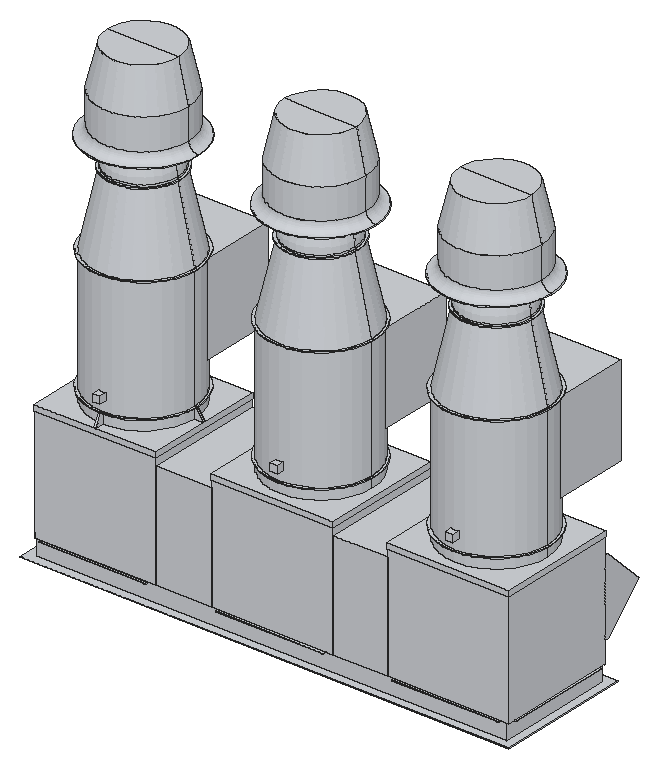
Revit family "QMXVP_with_1X3", category Mechanical Equipment, Revit 2019 (continued)
Types (225): name | UNIT_RADIUS+4" | UNIT_RADIUS*.6 | UNIT_RADIUS | UNIT_RAD+((A/2)+.25")+4" | UNIT_RAD+((A/2)+.25") | UNIT_OD | UNIT_HEIGHT*.75 | UNIT_HEIGHT | TYPE | TRIP_G | TRIP_F | TRIPLE_F+1" | TRANSITION_TOP | RO2/2 | RO/2 | RO | NOZZLE_WB_RAD-2" | NOZZLE_WB_RAD | NOZZLE_WB/4 | NOZZLE_TOP_RAD | NOZZLE_TOP_OD | NOZZLE_SIZE | NOZZLE_HEIGHT/7*2 | NOZZLE_HEIGHT | NOZZLE_BOTTOM_RAD | NOZZLE_WB_OD | NOZZLE_BOTTOM_ID | MB_HT/2 | MB_HT-2.75" | MB_HT+.25" | MB_HT | MB_A | LONG_RO | GA | E | DUAL_G | DUAL_F+1" | DUAL_F | C/2 | C | B/2 | B | A/2 | A+.5 | A | Type Comments | Model | -A | (NOZZLE_WB_OD-NOZZLE_TOP_OD)/2 | (NOZZLE_HEIGHT-(NOZZLE_HEIGHT/8*2))/2 | (A/2)-2" | (A/2)+.25"
  202_QMXHPVP-12H-1X3_Mixing_Box | 1' - 6 3/8" | 1' - 0 15/16" | 1' - 2 3/8" | 3' - 1 5/8" | 2' - 9 5/8" | 2' - 4 3/4" | 2' - 4 1/8" | 3' - 1 1/2" | 1' - 0" | 11' - 9 1/4" | 11' - 10" | 11' - 11" | 5' - 7 9/16" | 1' - 3 3/8" | 1' - 3 3/8" | 2' - 6 3/4" | 1' - 0" | 1' - 2" | 0' - 5.6" | 0' - 9 3/4" | 1' - 7 1/2" | 12' - 0" | 0' - 8" | 2' - 8" | 0' - 8 17/32" | 2' - 4" | 1' - 5 1/16" | 1' - 8 19/32" | 3' - 2 7/16" | 3' - 5 7/16" | 3' - 5 3/16" | 4' - 1" | 11' - 3" | 0' - 0 27/256" | 3' - 0 15/16" | 7' - 5 1/8" | 7' - 7 1/4" | 7' - 6 1/4" | 2' - 1" | 4' - 2" | 4' - 4" | 8' - 8" | 1' - 7" | 3' - 2 1/2" | 3' - 2" | "Vari-Plume Laboratory Exhaust Mixed-Flow High Pressure Inline Belt Drive With 1X3 Mixing Box\r\n" | "QMXHPVP-1X3_Mixing Box" | -3' - 2" | 0' - 2 1/8" | 1' - 0" | 1' - 5" | 1' - 7 1/4"
  202_QMXHPVP-12L-1X3_Mixing_Box | 1' - 6 3/8" | 1' - 0 15/16" | 1' - 2 3/8" | 3' - 1 5/8" | 2' - 9 5/8" | 2' - 4 3/4" | 2' - 4 1/8" | 3' - 1 1/2" | 1' - 0" | 11' - 9 1/4" | 11' - 10" | 11' - 11" | 5' - 7 9/16" | 1' - 3 3/8" | 1' - 3 3/8" | 2' - 6 3/4" | 1' - 0" | 1' - 2" | 0' - 5.6" | 0' - 9 3/4" | 1' - 7 1/2" | 12' - 0" | 0' - 8" | 2' - 8" | 0' - 8 17/32" | 2' - 4" | 1' - 5 1/16" | 1' - 8 19/32" | 3' - 2 7/16" | 3' - 5 7/16" | 3' - 5 3/16" | 4' - 1" | 11' - 3" | 0' - 0 27/256" | 3' - 0 15/16" | 7' - 5 1/8" | 7' - 7 1/4" | 7' - 6 1/4" | 2' - 1" | 4' - 2" | 4' - 4" | 8' - 8" | 1' - 7" | 3' - 2 1/2" | 3' - 2" | "Vari-Plume Laboratory Exhaust Mixed-Flow High Pressure Inline Belt Drive With 1X3 Mixing Box\r\n" | "QMXHPVP-1X3_Mixing Box" | -3' - 2" | 0' - 2 1/8" | 1' - 0" | 1' - 5" | 1' - 7 1/4"
  202_QMXHPVP-15H-1X3_Mixing_Box | 1' - 6 3/8" | 1' - 0 15/16" | 1' - 2 3/8" | 3' - 1 5/8" | 2' - 9 5/8" | 2' - 4 3/4" | 2' - 4 1/8" | 3' - 1 1/2" | 1' - 0" | 11' - 9 1/4" | 11' - 10" | 11' - 11" | 4' - 11 5/8" | 1' - 3 3/8" | 1' - 3 3/8" | 2' - 6 3/4" | 1' - 4" | 1' - 6" | 0' - 7.2" | 0' - 11 1/2" | 1' - 11" | 15' - 0" | 0' - 10 3/4" | 3' - 7" | 0' - 10 11/16" | 3' - 0" | 1' - 9 3/8" | 1' - 8 19/32" | 3' - 2 7/16" | 3' - 5 7/16" | 3' - 5 3/16" | 4' - 1" | 11' - 3" | 0' - 0 27/256" | 3' - 0 15/16" | 7' - 5 1/8" | 7' - 7 1/4" | 7' - 6 1/4" | 2' - 1" | 4' - 2" | 4' - 4" | 8' - 8" | 1' - 7" | 3' - 2 1/2" | 3' - 2" | "Vari-Plume Laboratory Exhaust Mixed-Flow High Pressure Inline Belt Drive With 1X3 Mixing Box\r\n" | "QMXHPVP-1X3_Mixing Box" | -3' - 2" | 0' - 3 1/4" | 1' - 4 1/8" | 1' - 5" | 1' - 7 1/4"
  202_QMXHPVP-15L-1X3_Mixing_Box | 1' - 6 3/8" | 1' - 0 15/16" | 1' - 2 3/8" | 3' - 1 5/8" | 2' - 9 5/8" | 2' - 4 3/4" | 2' - 4 1/8" | 3' - 1 1/2" | 1' - 0" | 11' - 9 1/4" | 11' - 10" | 11' - 11" | 4' - 11 5/8" | 1' - 3 3/8" | 1' - 3 3/8" | 2' - 6 3/4" | 1' - 4" | 1' - 6" | 0' - 7.2" | 0' - 11 1/2" | 1' - 11" | 15' - 0" | 0' - 10 3/4" | 3' - 7" | 0' - 10 11/16" | 3' - 0" | 1' - 9 3/8" | 1' - 8 19/32" | 3' - 2 7/16" | 3' - 5 7/16" | 3' - 5 3/16" | 4' - 1" | 11' - 3" | 0' - 0 27/256" | 3' - 0 15/16" | 7' - 5 1/8" | 7' - 7 1/4" | 7' - 6 1/4" | 2' - 1" | 4' - 2" | 4' - 4" | 8' - 8" | 1' - 7" | 3' - 2 1/2" | 3' - 2" | "Vari-Plume Laboratory Exhaust Mixed-Flow High Pressure Inline Belt Drive With 1X3 Mixing Box\r\n" | "QMXHPVP-1X3_Mixing Box" | -3' - 2" | 0' - 3 1/4" | 1' - 4 1/8" | 1' - 5" | 1' - 7 1/4"
  202_QMXHPVP-18H-1X3_Mixing_Box | 1' - 6 3/8" | 1' - 0 15/16" | 1' - 2 3/8" | 3' - 1 5/8" | 2' - 9 5/8" | 2' - 4 3/4" | 2' - 4 1/8" | 3' - 1 1/2" | 1' - 0" | 11' - 9 1/4" | 11' - 10" | 11' - 11" | 4' - 3 5/8" | 1' - 3 3/8" | 1' - 3 3/8" | 2' - 6 3/4" | 1' - 7 1/2" | 1' - 9 1/2" | 0' - 8.6" | 1' - 1 3/4" | 2' - 3 1/2" | 18' - 0" | 1' - 0" | 4' - 0" | 1' - 0 13/16" | 3' - 7" | 2' - 1 5/8" | 1' - 8 19/32" | 3' - 2 7/16" | 3' - 5 7/16" | 3' - 5 3/16" | 4' - 1" | 11' - 3" | 0' - 0 27/256" | 3' - 0 15/16" | 7' - 5 1/8" | 7' - 7 1/4" | 7' - 6 1/4" | 2' - 1" | 4' - 2" | 4' - 4" | 8' - 8" | 1' - 7" | 3' - 2 1/2" | 3' - 2" | "Vari-Plume Laboratory Exhaust Mixed-Flow High Pressure Inline Belt Drive With 1X3 Mixing Box\r\n" | "QMXHPVP-1X3_Mixing Box" | -3' - 2" | 0' - 3 7/8" | 1' - 6" | 1' - 5" | 1' - 7 1/4"
  202_QMXHPVP-18L-1X3_Mixing_Box | 1' - 6 3/8" | 1' - 0 15/16" | 1' - 2 3/8" | 3' - 1 5/8" | 2' - 9 5/8" | 2' - 4 3/4" | 2' - 4 1/8" | 3' - 1 1/2" | 1' - 0" | 11' - 9 1/4" | 11' - 10" | 11' - 11" | 4' - 3 5/8" | 1' - 3 3/8" | 1' - 3 3/8" | 2' - 6 3/4" | 1' - 7 1/2" | 1' - 9 1/2" | 0' - 8.6" | 1' - 1 3/4" | 2' - 3 1/2" | 18' - 0" | 1' - 0" | 4' - 0" | 1' - 0 13/16" | 3' - 7" | 2' - 1 5/8" | 1' - 8 19/32" | 3' - 2 7/16" | 3' - 5 7/16" | 3' - 5 3/16" | 4' - 1" | 11' - 3" | 0' - 0 27/256" | 3' - 0 15/16" | 7' - 5 1/8" | 7' - 7 1/4" | 7' - 6 1/4" | 2' - 1" | 4' - 2" | 4' - 4" | 8' - 8" | 1' - 7" | 3' - 2 1/2" | 3' - 2" | "Vari-Plume Laboratory Exhaust Mixed-Flow High Pressure Inline Belt Drive With 1X3 Mixing Box\r\n" | "QMXHPVP-1X3_Mixing Box" | -3' - 2" | 0' - 3 7/8" | 1' - 6" | 1' - 5" | 1' - 7 1/4"
  225_QMXHPVP-12H-1X3_Mixing_Box | 1' - 7 31/32" | 1' - 2.37188" | 1' - 3 31/32" | 3' - 5 7/32" | 3' - 1 7/32" | 2' - 7 15/16" | 2' - 6 3/4" | 3' - 5" | 1' - 0" | 11' - 11 1/4" | 12' - 0" | 12' - 1" | 6' - 5 1/16" | 1' - 5 3/8" | 1' - 5 3/8" | 2' - 10 3/4" | 1' - 0" | 1' - 2" | 0' - 5.6" | 0' - 9 3/4" | 1' - 7 1/2" | 12' - 0" | 0' - 8" | 2' - 8" | 0' - 8 17/32" | 2' - 4" | 1' - 5 1/16" | 1' - 9 19/32" | 3' - 4 7/16" | 3' - 7 7/16" | 3' - 7 3/16" | 4' - 6" | 11' - 5" | 0' - 0 27/256" | 3' - 4 15/16" | 7' - 8 1/8" | 7' - 10 1/4" | 7' - 9 1/4" | 2' - 4" | 4' - 8" | 4' - 8 1/2" | 9' - 5" | 1' - 9" | 3' - 6 1/2" | 3' - 6" | "Vari-Plume Laboratory Exhaust Mixed-Flow High Pressure Inline Belt Drive With 1X3 Mixing Box\r\n" | "QMXHPVP-1X3_Mixing Box" | -3' - 6" | 0' - 2 1/8" | 1' - 0" | 1' - 7" | 1' - 9 1/4"
  225_QMXHPVP-12L-1X3_Mixing_Box | 1' - 7 31/32" | 1' - 2.37188" | 1' - 3 31/32" | 3' - 5 7/32" | 3' - 1 7/32" | 2' - 7 15/16" | 2' - 6 3/4" | 3' - 5" | 1' - 0" | 11' - 11 1/4" | 12' - 0" | 12' - 1" | 6' - 5 1/16" | 1' - 5 3/8" | 1' - 5 3/8" | 2' - 10 3/4" | 1' - 0" | 1' - 2" | 0' - 5.6" | 0' - 9 3/4" | 1' - 7 1/2" | 12' - 0" | 0' - 8" | 2' - 8" | 0' - 8 17/32" | 2' - 4" | 1' - 5 1/16" | 1' - 9 19/32" | 3' - 4 7/16" | 3' - 7 7/16" | 3' - 7 3/16" | 4' - 6" | 11' - 5" | 0' - 0 27/256" | 3' - 4 15/16" | 7' - 8 1/8" | 7' - 10 1/4" | 7' - 9 1/4" | 2' - 4" | 4' - 8" | 4' - 8 1/2" | 9' - 5" | 1' - 9" | 3' - 6 1/2" | 3' - 6" | "Vari-Plume Laboratory Exhaust Mixed-Flow High Pressure Inline Belt Drive With 1X3 Mixing Box\r\n" | "QMXHPVP-1X3_Mixing Box" | -3' - 6" | 0' - 2 1/8" | 1' - 0" | 1' - 7" | 1' - 9 1/4"
  225_QMXHPVP-15H-1X3_Mixing_Box | 1' - 7 31/32" | 1' - 2.37188" | 1' - 3 31/32" | 3' - 5 7/32" | 3' - 1 7/32" | 2' - 7 15/16" | 2' - 6 3/4" | 3' - 5" | 1' - 0" | 11' - 11 1/4" | 12' - 0" | 12' - 1" | 5' - 9 1/8" | 1' - 5 3/8" | 1' - 5 3/8" | 2' - 10 3/4" | 1' - 4" | 1' - 6" | 0' - 7.2" | 0' - 11 1/2" | 1' - 11" | 15' - 0" | 0' - 10 3/4" | 3' - 7" | 0' - 10 11/16" | 3' - 0" | 1' - 9 3/8" | 1' - 9 19/32" | 3' - 4 7/16" | 3' - 7 7/16" | 3' - 7 3/16" | 4' - 6" | 11' - 5" | 0' - 0 27/256" | 3' - 4 15/16" | 7' - 8 1/8" | 7' - 10 1/4" | 7' - 9 1/4" | 2' - 4" | 4' - 8" | 4' - 8 1/2" | 9' - 5" | 1' - 9" | 3' - 6 1/2" | 3' - 6" | "Vari-Plume Laboratory Exhaust Mixed-Flow High Pressure Inline Belt Drive With 1X3 Mixing Box\r\n" | "QMXHPVP-1X3_Mixing Box" | -3' - 6" | 0' - 3 1/4" | 1' - 4 1/8" | 1' - 7" | 1' - 9 1/4"
  225_QMXHPVP-15L-1X3_Mixing_Box | 1' - 7 31/32" | 1' - 2.37188" | 1' - 3 31/32" | 3' - 5 7/32" | 3' - 1 7/32" | 2' - 7 15/16" | 2' - 6 3/4" | 3' - 5" | 1' - 0" | 11' - 11 1/4" | 12' - 0" | 12' - 1" | 5' - 9 1/8" | 1' - 5 3/8" | 1' - 5 3/8" | 2' - 10 3/4" | 1' - 4" | 1' - 6" | 0' - 7.2" | 0' - 11 1/2" | 1' - 11" | 15' - 0" | 0' - 10 3/4" | 3' - 7" | 0' - 10 11/16" | 3' - 0" | 1' - 9 3/8" | 1' - 9 19/32" | 3' - 4 7/16" | 3' - 7 7/16" | 3' - 7 3/16" | 4' - 6" | 11' - 5" | 0' - 0 27/256" | 3' - 4 15/16" | 7' - 8 1/8" | 7' - 10 1/4" | 7' - 9 1/4" | 2' - 4" | 4' - 8" | 4' - 8 1/2" | 9' - 5" | 1' - 9" | 3' - 6 1/2" | 3' - 6" | "Vari-Plume Laboratory Exhaust Mixed-Flow High Pressure Inline Belt Drive With 1X3 Mixing Box\r\n" | "QMXHPVP-1X3_Mixing Box" | -3' - 6" | 0' - 3 1/4" | 1' - 4 1/8" | 1' - 7" | 1' - 9 1/4"
  225_QMXVP-18H-1X3_Mixing_Box | 1' - 7 31/32" | 1' - 2.37188" | 1' - 3 31/32" | 3' - 5 7/32" | 3' - 1 7/32" | 2' - 7 15/16" | 2' - 6 3/4" | 3' - 5" | 0' - 0" | 11' - 11 1/4" | 12' - 0" | 12' - 1" | 5' - 1 1/8" | 1' - 5 3/8" | 1' - 5 3/8" | 2' - 10 3/4" | 1' - 7 1/2" | 1' - 9 1/2" | 0' - 8.6" | 1' - 1 3/4" | 2' - 3 1/2" | 18' - 0" | 1' - 0" | 4' - 0" | 1' - 0 13/16" | 3' - 7" | 2' - 1 5/8" | 1' - 9 19/32" | 3' - 4 7/16" | 3' - 7 7/16" | 3' - 7 3/16" | 4' - 6" | 11' - 5" | 0' - 0 27/256" | 3' - 4 15/16" | 7' - 8 1/8" | 7' - 10 1/4" | 7' - 9 1/4" | 2' - 4" | 4' - 8" | 4' - 8 1/2" | 9' - 5" | 1' - 9" | 3' - 6 1/2" | 3' - 6" | "Vari-Plume Laboratory Exhaust Mixed-Flow Inline Belt Drive With 1X3 Mixing Box\r\n" | "QMXVP-1X3_Mixing Box" | -3' - 6" | 0' - 3 7/8" | 1' - 6" | 1' - 7" | 1' - 9 1/4"
  225_QMXHPVP-18L-1X3_Mixing_Box | 1' - 7 31/32" | 1' - 2.37188" | 1' - 3 31/32" | 3' - 5 7/32" | 3' - 1 7/32" | 2' - 7 15/16" | 2' - 6 3/4" | 3' - 5" | 1' - 0" | 11' - 11 1/4" | 12' - 0" | 12' - 1" | 5' - 1 1/8" | 1' - 5 3/8" | 1' - 5 3/8" | 2' - 10 3/4" | 1' - 7 1/2" | 1' - 9 1/2" | 0' - 8.6" | 1' - 1 3/4" | 2' - 3 1/2" | 18' - 0" | 1' - 0" | 4' - 0" | 1' - 0 13/16" | 3' - 7" | 2' - 1 5/8" | 1' - 9 19/32" | 3' - 4 7/16" | 3' - 7 7/16" | 3' - 7 3/16" | 4' - 6" | 11' - 5" | 0' - 0 27/256" | 3' - 4 15/16" | 7' - 8 1/8" | 7' - 10 1/4" | 7' - 9 1/4" | 2' - 4" | 4' - 8" | 4' - 8 1/2" | 9' - 5" | 1' - 9" | 3' - 6 1/2" | 3' - 6" | "Vari-Plume Laboratory Exhaust Mixed-Flow High Pressure Inline Belt Drive With 1X3 Mixing Box\r\n" | "QMXHPVP-1X3_Mixing Box" | -3' - 6" | 0' - 3 7/8" | 1' - 6" | 1' - 7" | 1' - 9 1/4"
  225_QMXHPVP-18H-1X3_Mixing_Box | 1' - 7 31/32" | 1' - 2.37188" | 1' - 3 31/32" | 3' - 5 7/32" | 3' - 1 7/32" | 2' - 7 15/16" | 2' - 6 3/4" | 3' - 5" | 1' - 0" | 11' - 11 1/4" | 12' - 0" | 12' - 1" | 5' - 1 1/8" | 1' - 5 3/8" | 1' - 5 3/8" | 2' - 10 3/4" | 1' - 7 1/2" | 1' - 9 1/2" | 0' - 8.6" | 1' - 1 3/4" | 2' - 3 1/2" | 18' - 0" | 1' - 0" | 4' - 0" | 1' - 0 13/16" | 3' - 7" | 2' - 1 5/8" | 1' - 9 19/32" | 3' - 4 7/16" | 3' - 7 7/16" | 3' - 7 3/16" | 4' - 6" | 11' - 5" | 0' - 0 27/256" | 3' - 4 15/16" | 7' - 8 1/8" | 7' - 10 1/4" | 7' - 9 1/4" | 2' - 4" | 4' - 8" | 4' - 8 1/2" | 9' - 5" | 1' - 9" | 3' - 6 1/2" | 3' - 6" | "Vari-Plume Laboratory Exhaust Mixed-Flow High Pressure Inline Belt Drive With 1X3 Mixing Box\r\n" | "QMXHPVP-1X3_Mixing Box" | -3' - 6" | 0' - 3 7/8" | 1' - 6" | 1' - 7" | 1' - 9 1/4"
  245_QMXHPVP-15H-1X3_Mixing_Box | 1' - 9 3/8" | 1' - 3.6375" | 1' - 5 3/8" | 3' - 7 5/8" | 3' - 3 5/8" | 2' - 10 3/4" | 2' - 9 3/8" | 3' - 8 1/2" | 1' - 0" | 14' - 3 5/16" | 14' - 4" | 14' - 5" | 6' - 5 11/16" | 1' - 6 3/8" | 1' - 6 3/8" | 3' - 0 3/4" | 1' - 4" | 1' - 6" | 0' - 7.2" | 0' - 11 1/2" | 1' - 11" | 15' - 0" | 0' - 10 3/4" | 3' - 7" | 0' - 10 11/16" | 3' - 0" | 1' - 9 3/8" | 1' - 10 23/32" | 3' - 6 11/16" | 3' - 9 11/16" | 3' - 9 7/16" | 4' - 9" | 13' - 9 1/16" | 0' - 0 27/256" | 3' - 6 15/16" | 8' - 11 1/8" | 9' - 1 1/4" | 9' - 0 1/4" | 2' - 5 1/2" | 4' - 11" | 5' - 0 1/2" | 10' - 1" | 1' - 10" | 3' - 8 1/2" | 3' - 8" | "Vari-Plume Laboratory Exhaust Mixed-Flow High Pressure Inline Belt Drive With 1X3 Mixing Box\r\n" | "QMXHPVP-1X3_Mixing Box" | -3' - 8" | 0' - 3 1/4" | 1' - 4 1/8" | 1' - 8" | 1' - 10 1/4"
  245_QMXHPVP-15L-1X3_Mixing_Box | 1' - 9 3/8" | 1' - 3.6375" | 1' - 5 3/8" | 3' - 7 5/8" | 3' - 3 5/8" | 2' - 10 3/4" | 2' - 9 3/8" | 3' - 8 1/2" | 1' - 0" | 14' - 3 5/16" | 14' - 4" | 14' - 5" | 6' - 5 11/16" | 1' - 6 3/8" | 1' - 6 3/8" | 3' - 0 3/4" | 1' - 4" | 1' - 6" | 0' - 7.2" | 0' - 11 1/2" | 1' - 11" | 15' - 0" | 0' - 10 3/4" | 3' - 7" | 0' - 10 11/16" | 3' - 0" | 1' - 9 3/8" | 1' - 10 23/32" | 3' - 6 11/16" | 3' - 9 11/16" | 3' - 9 7/16" | 4' - 9" | 13' - 9 1/16" | 0' - 0 27/256" | 3' - 6 15/16" | 8' - 11 1/8" | 9' - 1 1/4" | 9' - 0 1/4" | 2' - 5 1/2" | 4' - 11" | 5' - 0 1/2" | 10' - 1" | 1' - 10" | 3' - 8 1/2" | 3' - 8" | "Vari-Plume Laboratory Exhaust Mixed-Flow High Pressure Inline Belt Drive With 1X3 Mixing Box\r\n" | "QMXHPVP-1X3_Mixing Box" | -3' - 8" | 0' - 3 1/4" | 1' - 4 1/8" | 1' - 8" | 1' - 10 1/4"
  245_QMXHPVP-18H-1X3_Mixing_Box | 1' - 9 3/8" | 1' - 3.6375" | 1' - 5 3/8" | 3' - 7 5/8" | 3' - 3 5/8" | 2' - 10 3/4" | 2' - 9 3/8" | 3' - 8 1/2" | 1' - 0" | 14' - 3 5/16" | 14' - 4" | 14' - 5" | 5' - 9 11/16" | 1' - 6 3/8" | 1' - 6 3/8" | 3' - 0 3/4" | 1' - 7 1/2" | 1' - 9 1/2" | 0' - 8.6" | 1' - 1 3/4" | 2' - 3 1/2" | 18' - 0" | 1' - 0" | 4' - 0" | 1' - 0 13/16" | 3' - 7" | 2' - 1 5/8" | 1' - 10 23/32" | 3' - 6 11/16" | 3' - 9 11/16" | 3' - 9 7/16" | 4' - 9" | 13' - 9 1/16" | 0' - 0 27/256" | 3' - 6 15/16" | 8' - 11 1/8" | 9' - 1 1/4" | 9' - 0 1/4" | 2' - 5 1/2" | 4' - 11" | 5' - 0 1/2" | 10' - 1" | 1' - 10" | 3' - 8 1/2" | 3' - 8" | "Vari-Plume Laboratory Exhaust Mixed-Flow High Pressure Inline Belt Drive With 1X3 Mixing Box\r\n" | "QMXHPVP-1X3_Mixing Box" | -3' - 8" | 0' - 3 7/8" | 1' - 6" | 1' - 8" | 1' - 10 1/4"
  245_QMXHPVP-18L-1X3_Mixing_Box | 1' - 9 3/8" | 1' - 3.6375" | 1' - 5 3/8" | 3' - 7 5/8" | 3' - 3 5/8" | 2' - 10 3/4" | 2' - 9 3/8" | 3' - 8 1/2" | 1' - 0" | 14' - 3 5/16" | 14' - 4" | 14' - 5" | 5' - 9 11/16" | 1' - 6 3/8" | 1' - 6 3/8" | 3' - 0 3/4" | 1' - 7 1/2" | 1' - 9 1/2" | 0' - 8.6" | 1' - 1 3/4" | 2' - 3 1/2" | 18' - 0" | 1' - 0" | 4' - 0" | 1' - 0 13/16" | 3' - 7" | 2' - 1 5/8" | 1' - 10 23/32" | 3' - 6 11/16" | 3' - 9 11/16" | 3' - 9 7/16" | 4' - 9" | 13' - 9 1/16" | 0' - 0 27/256" | 3' - 6 15/16" | 8' - 11 1/8" | 9' - 1 1/4" | 9' - 0 1/4" | 2' - 5 1/2" | 4' - 11" | 5' - 0 1/2" | 10' - 1" | 1' - 10" | 3' - 8 1/2" | 3' - 8" | "Vari-Plume Laboratory Exhaust Mixed-Flow High Pressure Inline Belt Drive With 1X3 Mixing Box\r\n" | "QMXHPVP-1X3_Mixing Box" | -3' - 8" | 0' - 3 7/8" | 1' - 6" | 1' - 8" | 1' - 10 1/4"
  245_QMXHPVP-24H-1X3_Mixing_Box | 1' - 9 3/8" | 1' - 3.6375" | 1' - 5 3/8" | 3' - 7 5/8" | 3' - 3 5/8" | 2' - 10 3/4" | 2' - 9 3/8" | 3' - 8 1/2" | 1' - 0" | 14' - 3 5/16" | 14' - 4" | 14' - 5" | 4' - 9 3/4" | 1' - 6 3/8" | 1' - 6 3/8" | 3' - 0 3/4" | 2' - 4 1/2" | 2' - 6 1/2" | 1' - 0.2" | 1' - 6 1/4" | 3' - 0 1/2" | 24' - 0" | 1' - 3 1/2" | 5' - 2" | 1' - 5 3/8" | 5' - 1" | 2' - 10 3/4" | 1' - 10 23/32" | 3' - 6 11/16" | 3' - 9 11/16" | 3' - 9 7/16" | 4' - 9" | 13' - 9 1/16" | 0' - 0 27/256" | 3' - 6 15/16" | 8' - 11 1/8" | 9' - 1 1/4" | 9' - 0 1/4" | 2' - 5 1/2" | 4' - 11" | 5' - 0 1/2" | 10' - 1" | 1' - 10" | 3' - 8 1/2" | 3' - 8" | "Vari-Plume Laboratory Exhaust Mixed-Flow High Pressure Inline Belt Drive With 1X3 Mixing Box\r\n" | "QMXHPVP-1X3_Mixing Box" | -3' - 8" | 0' - 6 1/8" | 1' - 11 1/4" | 1' - 8" | 1' - 10 1/4"
  245_QMXHPVP-24L-1X3_Mixing_Box | 1' - 9 3/8" | 1' - 3.6375" | 1' - 5 3/8" | 3' - 7 5/8" | 3' - 3 5/8" | 2' - 10 3/4" | 2' - 9 3/8" | 3' - 8 1/2" | 1' - 0" | 14' - 3 5/16" | 14' - 4" | 14' - 5" | 4' - 9 3/4" | 1' - 6 3/8" | 1' - 6 3/8" | 3' - 0 3/4" | 2' - 4 1/2" | 2' - 6 1/2" | 1' - 0.2" | 1' - 6 1/4" | 3' - 0 1/2" | 24' - 0" | 1' - 3 1/2" | 5' - 2" | 1' - 5 3/8" | 5' - 1" | 2' - 10 3/4" | 1' - 10 23/32" | 3' - 6 11/16" | 3' - 9 11/16" | 3' - 9 7/16" | 4' - 9" | 13' - 9 1/16" | 0' - 0 27/256" | 3' - 6 15/16" | 8' - 11 1/8" | 9' - 1 1/4" | 9' - 0 1/4" | 2' - 5 1/2" | 4' - 11" | 5' - 0 1/2" | 10' - 1" | 1' - 10" | 3' - 8 1/2" | 3' - 8" | "Vari-Plume Laboratory Exhaust Mixed-Flow High Pressure Inline Belt Drive With 1X3 Mixing Box\r\n" | "QMXHPVP-1X3_Mixing Box" | -3' - 8" | 0' - 6 1/8" | 1' - 11 1/4" | 1' - 8" | 1' - 10 1/4"
  270_QMXHPVP-15H-1X3_Mixing_Box | 1' - 11 5/32" | 1' - 5.24062" | 1' - 7 5/32" | 3' - 11 13/32" | 3' - 7 13/32" | 3' - 2 5/16" | 2' - 11 1/4" | 3' - 11" | 1' - 0" | 14' - 7 5/16" | 14' - 8" | 14' - 9" | 7' - 2 3/16" | 1' - 8 3/8" | 1' - 8 3/8" | 3' - 4 3/4" | 1' - 4" | 1' - 6" | 0' - 7.2" | 0' - 11 1/2" | 1' - 11" | 15' - 0" | 0' - 10 3/4" | 3' - 7" | 0' - 10 11/16" | 3' - 0" | 1' - 9 3/8" | 1' - 11 19/32" | 3' - 8 7/16" | 3' - 11 7/16" | 3' - 11 3/16" | 5' - 2" | 14' - 1 1/16" | 0' - 0 27/256" | 3' - 10 15/16" | 9' - 3 1/8" | 9' - 5 1/4" | 9' - 4 1/4" | 2' - 7 1/2" | 5' - 3" | 5' - 4" | 10' - 8" | 2' - 0" | 4' - 0 1/2" | 4' - 0" | "Vari-Plume Laboratory Exhaust Mixed-Flow High Pressure Inline Belt Drive With 1X3 Mixing Box\r\n" | "QMXHPVP-1X3_Mixing Box" | -4' - 0" | 0' - 3 1/4" | 1' - 4 1/8" | 1' - 10" | 2' - 0 1/4"
  270_QMXHPVP-15L-1X3_Mixing_Box | 1' - 11 5/32" | 1' - 5.24062" | 1' - 7 5/32" | 3' - 11 13/32" | 3' - 7 13/32" | 3' - 2 5/16" | 2' - 11 1/4" | 3' - 11" | 1' - 0" | 14' - 7 5/16" | 14' - 8" | 14' - 9" | 7' - 2 3/16" | 1' - 8 3/8" | 1' - 8 3/8" | 3' - 4 3/4" | 1' - 4" | 1' - 6" | 0' - 7.2" | 0' - 11 1/2" | 1' - 11" | 15' - 0" | 0' - 10 3/4" | 3' - 7" | 0' - 10 11/16" | 3' - 0" | 1' - 9 3/8" | 1' - 11 19/32" | 3' - 8 7/16" | 3' - 11 7/16" | 3' - 11 3/16" | 5' - 2" | 14' - 1 1/16" | 0' - 0 27/256" | 3' - 10 15/16" | 9' - 3 1/8" | 9' - 5 1/4" | 9' - 4 1/4" | 2' - 7 1/2" | 5' - 3" | 5' - 4" | 10' - 8" | 2' - 0" | 4' - 0 1/2" | 4' - 0" | "Vari-Plume Laboratory Exhaust Mixed-Flow High Pressure Inline Belt Drive With 1X3 Mixing Box\r\n" | "QMXHPVP-1X3_Mixing Box" | -4' - 0" | 0' - 3 1/4" | 1' - 4 1/8" | 1' - 10" | 2' - 0 1/4"
  270_QMXHPVP-18H-1X3_Mixing_Box | 1' - 11 5/32" | 1' - 5.24062" | 1' - 7 5/32" | 3' - 11 13/32" | 3' - 7 13/32" | 3' - 2 5/16" | 2' - 11 1/4" | 3' - 11" | 1' - 0" | 14' - 7 5/16" | 14' - 8" | 14' - 9" | 6' - 7 3/16" | 1' - 8 3/8" | 1' - 8 3/8" | 3' - 4 3/4" | 1' - 7 1/2" | 1' - 9 1/2" | 0' - 8.6" | 1' - 1 3/4" | 2' - 3 1/2" | 18' - 0" | 1' - 0" | 4' - 0" | 1' - 0 13/16" | 3' - 7" | 2' - 1 5/8" | 1' - 11 19/32" | 3' - 8 7/16" | 3' - 11 7/16" | 3' - 11 3/16" | 5' - 2" | 14' - 1 1/16" | 0' - 0 27/256" | 3' - 10 15/16" | 9' - 3 1/8" | 9' - 5 1/4" | 9' - 4 1/4" | 2' - 7 1/2" | 5' - 3" | 5' - 4" | 10' - 8" | 2' - 0" | 4' - 0 1/2" | 4' - 0" | "Vari-Plume Laboratory Exhaust Mixed-Flow High Pressure Inline Belt Drive With 1X3 Mixing Box\r\n" | "QMXHPVP-1X3_Mixing Box" | -4' - 0" | 0' - 3 7/8" | 1' - 6" | 1' - 10" | 2' - 0 1/4"
  270_QMXHPVP-18L-1X3_Mixing_Box | 1' - 11 5/32" | 1' - 5.24062" | 1' - 7 5/32" | 3' - 11 13/32" | 3' - 7 13/32" | 3' - 2 5/16" | 2' - 11 1/4" | 3' - 11" | 1' - 0" | 14' - 7 5/16" | 14' - 8" | 14' - 9" | 6' - 7 3/16" | 1' - 8 3/8" | 1' - 8 3/8" | 3' - 4 3/4" | 1' - 7 1/2" | 1' - 9 1/2" | 0' - 8.6" | 1' - 1 3/4" | 2' - 3 1/2" | 18' - 0" | 1' - 0" | 4' - 0" | 1' - 0 13/16" | 3' - 7" | 2' - 1 5/8" | 1' - 11 19/32" | 3' - 8 7/16" | 3' - 11 7/16" | 3' - 11 3/16" | 5' - 2" | 14' - 1 1/16" | 0' - 0 27/256" | 3' - 10 15/16" | 9' - 3 1/8" | 9' - 5 1/4" | 9' - 4 1/4" | 2' - 7 1/2" | 5' - 3" | 5' - 4" | 10' - 8" | 2' - 0" | 4' - 0 1/2" | 4' - 0" | "Vari-Plume Laboratory Exhaust Mixed-Flow High Pressure Inline Belt Drive With 1X3 Mixing Box\r\n" | "QMXHPVP-1X3_Mixing Box" | -4' - 0" | 0' - 3 7/8" | 1' - 6" | 1' - 10" | 2' - 0 1/4"
  270_QMXHPVP-24H-1X3_Mixing_Box | 1' - 11 5/32" | 1' - 5.24062" | 1' - 7 5/32" | 3' - 11 13/32" | 3' - 7 13/32" | 3' - 2 5/16" | 2' - 11 1/4" | 3' - 11" | 1' - 0" | 14' - 7 5/16" | 14' - 8" | 14' - 9" | 5' - 2 1/4" | 1' - 8 3/8" | 1' - 8 3/8" | 3' - 4 3/4" | 2' - 4 1/2" | 2' - 6 1/2" | 1' - 0.2" | 1' - 6 1/4" | 3' - 0 1/2" | 24' - 0" | 1' - 3 1/2" | 5' - 2" | 1' - 5 3/8" | 5' - 1" | 2' - 10 3/4" | 1' - 11 19/32" | 3' - 8 7/16" | 3' - 11 7/16" | 3' - 11 3/16" | 5' - 2" | 14' - 1 1/16" | 0' - 0 27/256" | 3' - 10 15/16" | 9' - 3 1/8" | 9' - 5 1/4" | 9' - 4 1/4" | 2' - 7 1/2" | 5' - 3" | 5' - 4" | 10' - 8" | 2' - 0" | 4' - 0 1/2" | 4' - 0" | "Vari-Plume Laboratory Exhaust Mixed-Flow High Pressure Inline Belt Drive With 1X3 Mixing Box\r\n" | "QMXHPVP-1X3_Mixing Box" | -4' - 0" | 0' - 6 1/8" | 1' - 11 1/4" | 1' - 10" | 2' - 0 1/4"
  270_QMXHPVP-24L-1X3_Mixing_Box | 1' - 11 5/32" | 1' - 5.24062" | 1' - 7 5/32" | 3' - 11 13/32" | 3' - 7 13/32" | 3' - 2 5/16" | 2' - 11 1/4" | 3' - 11" | 1' - 0" | 14' - 7 5/16" | 14' - 8" | 14' - 9" | 5' - 2 1/4" | 1' - 8 3/8" | 1' - 8 3/8" | 3' - 4 3/4" | 2' - 4 1/2" | 2' - 6 1/2" | 1' - 0.2" | 1' - 6 1/4" | 3' - 0 1/2" | 24' - 0" | 1' - 3 1/2" | 5' - 2" | 1' - 5 3/8" | 5' - 1" | 2' - 10 3/4" | 1' - 11 19/32" | 3' - 8 7/16" | 3' - 11 7/16" | 3' - 11 3/16" | 5' - 2" | 14' - 1 1/16" | 0' - 0 27/256" | 3' - 10 15/16" | 9' - 3 1/8" | 9' - 5 1/4" | 9' - 4 1/4" | 2' - 7 1/2" | 5' - 3" | 5' - 4" | 10' - 8" | 2' - 0" | 4' - 0 1/2" | 4' - 0" | "Vari-Plume Laboratory Exhaust Mixed-Flow High Pressure Inline Belt Drive With 1X3 Mixing Box\r\n" | "QMXHPVP-1X3_Mixing Box" | -4' - 0" | 0' - 6 1/8" | 1' - 11 1/4" | 1' - 10" | 2' - 0 1/4"
  300_QMXHPVP-18H-1X3_Mixing_Box | 2' - 1 1/4" | 1' - 7 1/8" | 1' - 9 1/4" | 4' - 3 1/2" | 3' - 11 1/2" | 3' - 6 1/2" | 3' - 4 1/2" | 4' - 6" | 1' - 0" | 17' - 7 5/16" | 17' - 8" | 17' - 9" | 7' - 10 3/16" | 1' - 10 3/8" | 1' - 10 3/8" | 3' - 8 3/4" | 1' - 7 1/2" | 1' - 9 1/2" | 0' - 8.6" | 1' - 1 3/4" | 2' - 3 1/2" | 18' - 0" | 1' - 0" | 4' - 0" | 1' - 0 13/16" | 3' - 7" | 2' - 1 5/8" | 2' - 1 7/32" | 3' - 11 11/16" | 4' - 2 11/16" | 4' - 2 7/16" | 5' - 8" | 17' - 1 1/16" | 0' - 0 27/256" | 4' - 2 15/16" | 10' - 11 1/8" | 11' - 1 1/4" | 11' - 0 1/4" | 2' - 9 1/2" | 5' - 7" | 6' - 2" | 12' - 4" | 2' - 2" | 4' - 4 1/2" | 4' - 4" | "Vari-Plume Laboratory Exhaust Mixed-Flow High Pressure Inline Belt Drive With 1X3 Mixing Box\r\n" | "QMXHPVP-1X3_Mixing Box" | -4' - 4" | 0' - 3 7/8" | 1' - 6" | 2' - 0" | 2' - 2 1/4"
  300_QMXHPVP-18L-1X3_Mixing_Box | 2' - 1 1/4" | 1' - 7 1/8" | 1' - 9 1/4" | 4' - 3 1/2" | 3' - 11 1/2" | 3' - 6 1/2" | 3' - 4 1/2" | 4' - 6" | 1' - 0" | 17' - 7 5/16" | 17' - 8" | 17' - 9" | 7' - 10 3/16" | 1' - 10 3/8" | 1' - 10 3/8" | 3' - 8 3/4" | 1' - 7 1/2" | 1' - 9 1/2" | 0' - 8.6" | 1' - 1 3/4" | 2' - 3 1/2" | 18' - 0" | 1' - 0" | 4' - 0" | 1' - 0 13/16" | 3' - 7" | 2' - 1 5/8" | 2' - 1 7/32" | 3' - 11 11/16" | 4' - 2 11/16" | 4' - 2 7/16" | 5' - 8" | 17' - 1 1/16" | 0' - 0 27/256" | 4' - 2 15/16" | 10' - 11 1/8" | 11' - 1 1/4" | 11' - 0 1/4" | 2' - 9 1/2" | 5' - 7" | 6' - 2" | 12' - 4" | 2' - 2" | 4' - 4 1/2" | 4' - 4" | "Vari-Plume Laboratory Exhaust Mixed-Flow High Pressure Inline Belt Drive With 1X3 Mixing Box\r\n" | "QMXHPVP-1X3_Mixing Box" | -4' - 4" | 0' - 3 7/8" | 1' - 6" | 2' - 0" | 2' - 2 1/4"
  300_QMXHPVP-24H-1X3_Mixing_Box | 2' - 1 1/4" | 1' - 7 1/8" | 1' - 9 1/4" | 4' - 3 1/2" | 3' - 11 1/2" | 3' - 6 1/2" | 3' - 4 1/2" | 4' - 6" | 1' - 0" | 17' - 7 5/16" | 17' - 8" | 17' - 9" | 6' - 5 1/4" | 1' - 10 3/8" | 1' - 10 3/8" | 3' - 8 3/4" | 2' - 4 1/2" | 2' - 6 1/2" | 1' - 0.2" | 1' - 6 1/4" | 3' - 0 1/2" | 24' - 0" | 1' - 3 1/2" | 5' - 2" | 1' - 5 3/8" | 5' - 1" | 2' - 10 3/4" | 2' - 1 7/32" | 3' - 11 11/16" | 4' - 2 11/16" | 4' - 2 7/16" | 5' - 8" | 17' - 1 1/16" | 0' - 0 27/256" | 4' - 2 15/16" | 10' - 11 1/8" | 11' - 1 1/4" | 11' - 0 1/4" | 2' - 9 1/2" | 5' - 7" | 6' - 2" | 12' - 4" | 2' - 2" | 4' - 4 1/2" | 4' - 4" | "Vari-Plume Laboratory Exhaust Mixed-Flow High Pressure Inline Belt Drive With 1X3 Mixing Box\r\n" | "QMXHPVP-1X3_Mixing Box" | -4' - 4" | 0' - 6 1/8" | 1' - 11 1/4" | 2' - 0" | 2' - 2 1/4"
  300_QMXHPVP-24L-1X3_Mixing_Box | 2' - 1 1/4" | 1' - 7 1/8" | 1' - 9 1/4" | 4' - 3 1/2" | 3' - 11 1/2" | 3' - 6 1/2" | 3' - 4 1/2" | 4' - 6" | 1' - 0" | 17' - 7 5/16" | 17' - 8" | 17' - 9" | 6' - 5 1/4" | 1' - 10 3/8" | 1' - 10 3/8" | 3' - 8 3/4" | 2' - 4 1/2" | 2' - 6 1/2" | 1' - 0.2" | 1' - 6 1/4" | 3' - 0 1/2" | 24' - 0" | 1' - 3 1/2" | 5' - 2" | 1' - 5 3/8" | 5' - 1" | 2' - 10 3/4" | 2' - 1 7/32" | 3' - 11 11/16" | 4' - 2 11/16" | 4' - 2 7/16" | 5' - 8" | 17' - 1 1/16" | 0' - 0 27/256" | 4' - 2 15/16" | 10' - 11 1/8" | 11' - 1 1/4" | 11' - 0 1/4" | 2' - 9 1/2" | 5' - 7" | 6' - 2" | 12' - 4" | 2' - 2" | 4' - 4 1/2" | 4' - 4" | "Vari-Plume Laboratory Exhaust Mixed-Flow High Pressure Inline Belt Drive With 1X3 Mixing Box\r\n" | "QMXHPVP-1X3_Mixing Box" | -4' - 4" | 0' - 6 1/8" | 1' - 11 1/4" | 2' - 0" | 2' - 2 1/4"
  300_QMXHPVP-30H-1X3_Mixing_Box | 2' - 1 1/4" | 1' - 7 1/8" | 1' - 9 1/4" | 4' - 3 1/2" | 3' - 11 1/2" | 3' - 6 1/2" | 3' - 4 1/2" | 4' - 6" | 1' - 0" | 17' - 7 5/16" | 17' - 8" | 17' - 9" | 5' - 8 1/4" | 1' - 10 3/8" | 1' - 10 3/8" | 3' - 8 3/4" | 2' - 11" | 3' - 1" | 1' - 2.8" | 1' - 10 3/4" | 3' - 9 1/2" | 30' - 0" | 1' - 7 1/2" | 6' - 6" | 1' - 9 1/4" | 6' - 2" | 3' - 6 1/2" | 2' - 1 7/32" | 3' - 11 11/16" | 4' - 2 11/16" | 4' - 2 7/16" | 5' - 8" | 17' - 1 1/16" | 0' - 0 27/256" | 4' - 2 15/16" | 10' - 11 1/8" | 11' - 1 1/4" | 11' - 0 1/4" | 2' - 9 1/2" | 5' - 7" | 6' - 2" | 12' - 4" | 2' - 2" | 4' - 4 1/2" | 4' - 4" | "Vari-Plume Laboratory Exhaust Mixed-Flow High Pressure Inline Belt Drive With 1X3 Mixing Box\r\n" | "QMXHPVP-1X3_Mixing Box" | -4' - 4" | 0' - 7 1/8" | 2' - 5 1/4" | 2' - 0" | 2' - 2 1/4"
  300_QMXHPVP-30L-1X3_Mixing_Box | 2' - 1 1/4" | 1' - 7 1/8" | 1' - 9 1/4" | 4' - 3 1/2" | 3' - 11 1/2" | 3' - 6 1/2" | 3' - 4 1/2" | 4' - 6" | 1' - 0" | 17' - 7 5/16" | 17' - 8" | 17' - 9" | 5' - 8 1/4" | 1' - 10 3/8" | 1' - 10 3/8" | 3' - 8 3/4" | 2' - 11" | 3' - 1" | 1' - 2.8" | 1' - 10 3/4" | 3' - 9 1/2" | 30' - 0" | 1' - 7 1/2" | 6' - 6" | 1' - 9 1/4" | 6' - 2" | 3' - 6 1/2" | 2' - 1 7/32" | 3' - 11 11/16" | 4' - 2 11/16" | 4' - 2 7/16" | 5' - 8" | 17' - 1 1/16" | 0' - 0 27/256" | 4' - 2 15/16" | 10' - 11 1/8" | 11' - 1 1/4" | 11' - 0 1/4" | 2' - 9 1/2" | 5' - 7" | 6' - 2" | 12' - 4" | 2' - 2" | 4' - 4 1/2" | 4' - 4" | "Vari-Plume Laboratory Exhaust Mixed-Flow High Pressure Inline Belt Drive With 1X3 Mixing Box\r\n" | "QMXHPVP-1X3_Mixing Box" | -4' - 4" | 0' - 7 1/8" | 2' - 5 1/4" | 2' - 0" | 2' - 2 1/4"
  330_QMXHPVP-24H-1X3_Mixing_Box | 2' - 3 3/8" | 1' - 9.0375" | 1' - 11 3/8" | 4' - 7 5/8" | 4' - 3 5/8" | 3' - 10 3/4" | 3' - 7 7/8" | 4' - 10 1/2" | 1' - 0" | 17' - 11 5/16" | 18' - 0" | 18' - 1" | 7' - 5 3/4" | 2' - 0 5/16" | 2' - 0 5/16" | 4' - 0 5/8" | 2' - 4 1/2" | 2' - 6 1/2" | 1' - 0.2" | 1' - 6 1/4" | 3' - 0 1/2" | 24' - 0" | 1' - 3 1/2" | 5' - 2" | 1' - 5 3/8" | 5' - 1" | 2' - 10 3/4" | 2' - 2 27/32" | 4' - 2 15/16" | 4' - 5 15/16" | 4' - 5 11/16" | 6' - 1" | 17' - 5 1/16" | 0' - 0 27/256" | 4' - 6 13/16" | 11' - 3 1/8" | 11' - 5 1/4" | 11' - 4 1/4" | 3' - 0 1/2" | 6' - 1" | 6' - 5" | 12' - 10" | 2' - 4" | 4' - 8 1/2" | 4' - 8" | "Vari-Plume Laboratory Exhaust Mixed-Flow High Pressure Inline Belt Drive With 1X3 Mixing Box\r\n" | "QMXHPVP-1X3_Mixing Box" | -4' - 8" | 0' - 6 1/8" | 1' - 11 1/4" | 2' - 2" | 2' - 4 1/4"
  330_QMXHPVP-24L-1X3_Mixing_Box | 2' - 3 3/8" | 1' - 9.0375" | 1' - 11 3/8" | 4' - 7 5/8" | 4' - 3 5/8" | 3' - 10 3/4" | 3' - 7 7/8" | 4' - 10 1/2" | 1' - 0" | 17' - 11 5/16" | 18' - 0" | 18' - 1" | 7' - 5 3/4" | 2' - 0 5/16" | 2' - 0 5/16" | 4' - 0 5/8" | 2' - 4 1/2" | 2' - 6 1/2" | 1' - 0.2" | 1' - 6 1/4" | 3' - 0 1/2" | 24' - 0" | 1' - 3 1/2" | 5' - 2" | 1' - 5 3/8" | 5' - 1" | 2' - 10 3/4" | 2' - 2 27/32" | 4' - 2 15/16" | 4' - 5 15/16" | 4' - 5 11/16" | 6' - 1" | 17' - 5 1/16" | 0' - 0 27/256" | 4' - 6 13/16" | 11' - 3 1/8" | 11' - 5 1/4" | 11' - 4 1/4" | 3' - 0 1/2" | 6' - 1" | 6' - 5" | 12' - 10" | 2' - 4" | 4' - 8 1/2" | 4' - 8" | "Vari-Plume Laboratory Exhaust Mixed-Flow High Pressure Inline Belt Drive With 1X3 Mixing Box\r\n" | "QMXHPVP-1X3_Mixing Box" | -4' - 8" | 0' - 6 1/8" | 1' - 11 1/4" | 2' - 2" | 2' - 4 1/4"
  330_QMXHPVP-30H-1X3_Mixing_Box | 2' - 3 3/8" | 1' - 9.0375" | 1' - 11 3/8" | 4' - 7 5/8" | 4' - 3 5/8" | 3' - 10 3/4" | 3' - 7 7/8" | 4' - 10 1/2" | 1' - 0" | 17' - 11 5/16" | 18' - 0" | 18' - 1" | 6' - 2 3/4" | 2' - 0 5/16" | 2' - 0 5/16" | 4' - 0 5/8" | 2' - 11" | 3' - 1" | 1' - 2.8" | 1' - 10 3/4" | 3' - 9 1/2" | 30' - 0" | 1' - 7 1/2" | 6' - 6" | 1' - 9 1/4" | 6' - 2" | 3' - 6 1/2" | 2' - 2 27/32" | 4' - 2 15/16" | 4' - 5 15/16" | 4' - 5 11/16" | 6' - 1" | 17' - 5 1/16" | 0' - 0 27/256" | 4' - 6 13/16" | 11' - 3 1/8" | 11' - 5 1/4" | 11' - 4 1/4" | 3' - 0 1/2" | 6' - 1" | 6' - 5" | 12' - 10" | 2' - 4" | 4' - 8 1/2" | 4' - 8" | "Vari-Plume Laboratory Exhaust Mixed-Flow High Pressure Inline Belt Drive With 1X3 Mixing Box\r\n" | "QMXHPVP-1X3_Mixing Box" | -4' - 8" | 0' - 7 1/8" | 2' - 5 1/4" | 2' - 2" | 2' - 4 1/4"
  330_QMXHPVP-30L-1X3_Mixing_Box | 2' - 3 3/8" | 1' - 9.0375" | 1' - 11 3/8" | 4' - 7 5/8" | 4' - 3 5/8" | 3' - 10 3/4" | 3' - 7 7/8" | 4' - 10 1/2" | 1' - 0" | 17' - 11 5/16" | 18' - 0" | 18' - 1" | 6' - 2 3/4" | 2' - 0 5/16" | 2' - 0 5/16" | 4' - 0 5/8" | 2' - 11" | 3' - 1" | 1' - 2.8" | 1' - 10 3/4" | 3' - 9 1/2" | 30' - 0" | 1' - 7 1/2" | 6' - 6" | 1' - 9 1/4" | 6' - 2" | 3' - 6 1/2" | 2' - 2 27/32" | 4' - 2 15/16" | 4' - 5 15/16" | 4' - 5 11/16" | 6' - 1" | 17' - 5 1/16" | 0' - 0 27/256" | 4' - 6 13/16" | 11' - 3 1/8" | 11' - 5 1/4" | 11' - 4 1/4" | 3' - 0 1/2" | 6' - 1" | 6' - 5" | 12' - 10" | 2' - 4" | 4' - 8 1/2" | 4' - 8" | "Vari-Plume Laboratory Exhaust Mixed-Flow High Pressure Inline Belt Drive With 1X3 Mixing Box\r\n" | "QMXHPVP-1X3_Mixing Box" | -4' - 8" | 0' - 7 1/8" | 2' - 5 1/4" | 2' - 2" | 2' - 4 1/4"
  365_QMXHPVP-24H-1X3_Mixing_Box | 2' - 5 7/8" | 1' - 11.2875" | 2' - 1 7/8" | 5' - 1 1/8" | 4' - 9 1/8" | 4' - 3 3/4" | 4' - 0" | 5' - 4" | 1' - 0" | 21' - 3 1/4" | 21' - 5" | 21' - 6" | 8' - 8 1/4" | 2' - 3 1/4" | 2' - 3 1/4" | 4' - 6 1/2" | 2' - 4 1/2" | 2' - 6 1/2" | 1' - 0.2" | 1' - 6 1/4" | 3' - 0 1/2" | 24' - 0" | 1' - 3 1/2" | 5' - 2" | 1' - 5 3/8" | 5' - 1" | 2' - 10 3/4" | 2' - 5 27/32" | 4' - 8 15/16" | 4' - 11 15/16" | 4' - 11 11/16" | 6' - 10" | 20' - 9" | 0' - 0 27/256" | 5' - 0 3/4" | 13' - 2" | 13' - 4 3/4" | 13' - 3 3/4" | 3' - 3 1/2" | 6' - 7" | 7' - 3 1/2" | 14' - 7" | 2' - 7" | 5' - 2 1/2" | 5' - 2" | "Vari-Plume Laboratory Exhaust Mixed-Flow High Pressure Inline Belt Drive With 1X3 Mixing Box\r\n" | "QMXHPVP-1X3_Mixing Box" | -5' - 2" | 0' - 6 1/8" | 1' - 11 1/4" | 2' - 5" | 2' - 7 1/4"
  365_QMXHPVP-24L-1X3_Mixing_Box | 2' - 5 7/8" | 1' - 11.2875" | 2' - 1 7/8" | 5' - 1 1/8" | 4' - 9 1/8" | 4' - 3 3/4" | 4' - 0" | 5' - 4" | 1' - 0" | 21' - 3 1/4" | 21' - 5" | 21' - 6" | 8' - 8 1/4" | 2' - 3 1/4" | 2' - 3 1/4" | 4' - 6 1/2" | 2' - 4 1/2" | 2' - 6 1/2" | 1' - 0.2" | 1' - 6 1/4" | 3' - 0 1/2" | 24' - 0" | 1' - 3 1/2" | 5' - 2" | 1' - 5 3/8" | 5' - 1" | 2' - 10 3/4" | 2' - 5 27/32" | 4' - 8 15/16" | 4' - 11 15/16" | 4' - 11 11/16" | 6' - 10" | 20' - 9" | 0' - 0 27/256" | 5' - 0 3/4" | 13' - 2" | 13' - 4 3/4" | 13' - 3 3/4" | 3' - 3 1/2" | 6' - 7" | 7' - 3 1/2" | 14' - 7" | 2' - 7" | 5' - 2 1/2" | 5' - 2" | "Vari-Plume Laboratory Exhaust Mixed-Flow High Pressure Inline Belt Drive With 1X3 Mixing Box\r\n" | "QMXHPVP-1X3_Mixing Box" | -5' - 2" | 0' - 6 1/8" | 1' - 11 1/4" | 2' - 5" | 2' - 7 1/4"
  365_QMXHPVP-30H-1X3_Mixing_Box | 2' - 5 7/8" | 1' - 11.2875" | 2' - 1 7/8" | 5' - 1 1/8" | 4' - 9 1/8" | 4' - 3 3/4" | 4' - 0" | 5' - 4" | 1' - 0" | 21' - 3 1/4" | 21' - 5" | 21' - 6" | 7' - 5 1/2" | 2' - 3 1/4" | 2' - 3 1/4" | 4' - 6 1/2" | 2' - 11" | 3' - 1" | 1' - 2.8" | 1' - 10 3/4" | 3' - 9 1/2" | 30' - 0" | 1' - 7 1/2" | 6' - 6" | 1' - 9 1/4" | 6' - 2" | 3' - 6 1/2" | 2' - 5 27/32" | 4' - 8 15/16" | 4' - 11 15/16" | 4' - 11 11/16" | 6' - 10" | 20' - 9" | 0' - 0 27/256" | 5' - 0 3/4" | 13' - 2" | 13' - 4 3/4" | 13' - 3 3/4" | 3' - 3 1/2" | 6' - 7" | 7' - 3 1/2" | 14' - 7" | 2' - 7" | 5' - 2 1/2" | 5' - 2" | "Vari-Plume Laboratory Exhaust Mixed-Flow High Pressure Inline Belt Drive With 1X3 Mixing Box\r\n" | "QMXHPVP-1X3_Mixing Box" | -5' - 2" | 0' - 7 1/8" | 2' - 5 1/4" | 2' - 5" | 2' - 7 1/4"
  365_QMXHPVP-30L-1X3_Mixing_Box | 2' - 5 7/8" | 1' - 11.2875" | 2' - 1 7/8" | 5' - 1 1/8" | 4' - 9 1/8" | 4' - 3 3/4" | 4' - 0" | 5' - 4" | 1' - 0" | 21' - 3 1/4" | 21' - 5" | 21' - 6" | 7' - 5 1/2" | 2' - 3 1/4" | 2' - 3 1/4" | 4' - 6 1/2" | 2' - 11" | 3' - 1" | 1' - 2.8" | 1' - 10 3/4" | 3' - 9 1/2" | 30' - 0" | 1' - 7 1/2" | 6' - 6" | 1' - 9 1/4" | 6' - 2" | 3' - 6 1/2" | 2' - 5 27/32" | 4' - 8 15/16" | 4' - 11 15/16" | 4' - 11 11/16" | 6' - 10" | 20' - 9" | 0' - 0 27/256" | 5' - 0 3/4" | 13' - 2" | 13' - 4 3/4" | 13' - 3 3/4" | 3' - 3 1/2" | 6' - 7" | 7' - 3 1/2" | 14' - 7" | 2' - 7" | 5' - 2 1/2" | 5' - 2" | "Vari-Plume Laboratory Exhaust Mixed-Flow High Pressure Inline Belt Drive With 1X3 Mixing Box\r\n" | "QMXHPVP-1X3_Mixing Box" | -5' - 2" | 0' - 7 1/8" | 2' - 5 1/4" | 2' - 5" | 2' - 7 1/4"
  365_QMXVP-36H-1X3_Mixing_Box | 2' - 5 7/8" | 1' - 11.2875" | 2' - 1 7/8" | 5' - 1 1/8" | 4' - 9 1/8" | 4' - 3 3/4" | 4' - 0" | 5' - 4" | 0' - 0" | 21' - 3 1/4" | 21' - 5" | 21' - 6" | 6' - 6 1/4" | 2' - 3 1/4" | 2' - 3 1/4" | 4' - 6 1/2" | 3' - 7" | 3' - 9" | 1' - 6" | 2' - 5" | 4' - 10" | 36' - 0" | 1' - 11 3/4" | 7' - 11" | 2' - 1 7/8" | 7' - 6" | 4' - 3 3/4" | 2' - 5 27/32" | 4' - 8 15/16" | 4' - 11 15/16" | 4' - 11 11/16" | 6' - 10" | 20' - 9" | 0' - 0 27/256" | 5' - 0 3/4" | 13' - 2" | 13' - 4 3/4" | 13' - 3 3/4" | 3' - 3 1/2" | 6' - 7" | 7' - 3 1/2" | 14' - 7" | 2' - 7" | 5' - 2 1/2" | 5' - 2" | "Vari-Plume Laboratory Exhaust Mixed-Flow Inline Belt Drive With 1X3 Mixing Box\r\n" | "QMXVP-1X3_Mixing Box" | -5' - 2" | 0' - 8" | 2' - 11 5/8" | 2' - 5" | 2' - 7 1/4"
  365_QMXHPVP-36L-1X3_Mixing_Box | 2' - 5 7/8" | 1' - 11.2875" | 2' - 1 7/8" | 5' - 1 1/8" | 4' - 9 1/8" | 4' - 3 3/4" | 4' - 0" | 5' - 4" | 1' - 0" | 21' - 3 1/4" | 21' - 5" | 21' - 6" | 6' - 6 1/4" | 2' - 3 1/4" | 2' - 3 1/4" | 4' - 6 1/2" | 3' - 7" | 3' - 9" | 1' - 6" | 2' - 5" | 4' - 10" | 36' - 0" | 1' - 11 3/4" | 7' - 11" | 2' - 1 7/8" | 7' - 6" | 4' - 3 3/4" | 2' - 5 27/32" | 4' - 8 15/16" | 4' - 11 15/16" | 4' - 11 11/16" | 6' - 10" | 20' - 9" | 0' - 0 27/256" | 5' - 0 3/4" | 13' - 2" | 13' - 4 3/4" | 13' - 3 3/4" | 3' - 3 1/2" | 6' - 7" | 7' - 3 1/2" | 14' - 7" | 2' - 7" | 5' - 2 1/2" | 5' - 2" | "Vari-Plume Laboratory Exhaust Mixed-Flow High Pressure Inline Belt Drive With 1X3 Mixing Box\r\n" | "QMXHPVP-1X3_Mixing Box" | -5' - 2" | 0' - 8" | 2' - 11 5/8" | 2' - 5" | 2' - 7 1/4"
  365_QMXHPVP-36H-1X3_Mixing_Box | 2' - 5 7/8" | 1' - 11.2875" | 2' - 1 7/8" | 5' - 1 1/8" | 4' - 9 1/8" | 4' - 3 3/4" | 4' - 0" | 5' - 4" | 1' - 0" | 21' - 3 1/4" | 21' - 5" | 21' - 6" | 6' - 6 1/4" | 2' - 3 1/4" | 2' - 3 1/4" | 4' - 6 1/2" | 3' - 7" | 3' - 9" | 1' - 6" | 2' - 5" | 4' - 10" | 36' - 0" | 1' - 11 3/4" | 7' - 11" | 2' - 1 7/8" | 7' - 6" | 4' - 3 3/4" | 2' - 5 27/32" | 4' - 8 15/16" | 4' - 11 15/16" | 4' - 11 11/16" | 6' - 10" | 20' - 9" | 0' - 0 27/256" | 5' - 0 3/4" | 13' - 2" | 13' - 4 3/4" | 13' - 3 3/4" | 3' - 3 1/2" | 6' - 7" | 7' - 3 1/2" | 14' - 7" | 2' - 7" | 5' - 2 1/2" | 5' - 2" | "Vari-Plume Laboratory Exhaust Mixed-Flow High Pressure Inline Belt Drive With 1X3 Mixing Box\r\n" | "QMXHPVP-1X3_Mixing Box" | -5' - 2" | 0' - 8" | 2' - 11 5/8" | 2' - 5" | 2' - 7 1/4"
  402_QMXHPVP-24H-1X3_Mixing_Box | 2' - 8 15/32" | 2' - 1.62188" | 2' - 4 15/32" | 5' - 6 7/32" | 5' - 2 7/32" | 4' - 8 15/16" | 4' - 3 3/8" | 5' - 8 1/2" | 1' - 0" | 21' - 8 3/8" | 21' - 10" | 21' - 11" | 9' - 10 3/4" | 2' - 5 23/32" | 2' - 5 23/32" | 4' - 11 7/16" | 2' - 4 1/2" | 2' - 6 1/2" | 1' - 0.2" | 1' - 6 1/4" | 3' - 0 1/2" | 24' - 0" | 1' - 3 1/2" | 5' - 2" | 1' - 5 3/8" | 5' - 1" | 2' - 10 3/4" | 2' - 8 31/32" | 5' - 3 3/16" | 5' - 6 3/16" | 5' - 5 15/16" | 7' - 6" | 21' - 2 1/8" | 0' - 0 27/256" | 5' - 5 3/4" | 13' - 7" | 13' - 9 3/4" | 13' - 8 3/4" | 3' - 8" | 7' - 4" | 7' - 7 1/2" | 15' - 3" | 2' - 9 1/2" | 5' - 7 1/2" | 5' - 7" | "Vari-Plume Laboratory Exhaust Mixed-Flow High Pressure Inline Belt Drive With 1X3 Mixing Box\r\n" | "QMXHPVP-1X3_Mixing Box" | -5' - 7" | 0' - 6 1/8" | 1' - 11 1/4" | 2' - 7 1/2" | 2' - 9 3/4"
  402_QMXHPVP-24L-1X3_Mixing_Box | 2' - 8 15/32" | 2' - 1.62188" | 2' - 4 15/32" | 5' - 6 7/32" | 5' - 2 7/32" | 4' - 8 15/16" | 4' - 3 3/8" | 5' - 8 1/2" | 1' - 0" | 21' - 8 3/8" | 21' - 10" | 21' - 11" | 9' - 10 3/4" | 2' - 5 23/32" | 2' - 5 23/32" | 4' - 11 7/16" | 2' - 4 1/2" | 2' - 6 1/2" | 1' - 0.2" | 1' - 6 1/4" | 3' - 0 1/2" | 24' - 0" | 1' - 3 1/2" | 5' - 2" | 1' - 5 3/8" | 5' - 1" | 2' - 10 3/4" | 2' - 8 31/32" | 5' - 3 3/16" | 5' - 6 3/16" | 5' - 5 15/16" | 7' - 6" | 21' - 2 1/8" | 0' - 0 27/256" | 5' - 5 3/4" | 13' - 7" | 13' - 9 3/4" | 13' - 8 3/4" | 3' - 8" | 7' - 4" | 7' - 7 1/2" | 15' - 3" | 2' - 9 1/2" | 5' - 7 1/2" | 5' - 7" | "Vari-Plume Laboratory Exhaust Mixed-Flow High Pressure Inline Belt Drive With 1X3 Mixing Box\r\n" | "QMXHPVP-1X3_Mixing Box" | -5' - 7" | 0' - 6 1/8" | 1' - 11 1/4" | 2' - 7 1/2" | 2' - 9 3/4"
  402_QMXHPVP-30H-1X3_Mixing_Box | 2' - 8 15/32" | 2' - 1.62188" | 2' - 4 15/32" | 5' - 6 7/32" | 5' - 2 7/32" | 4' - 8 15/16" | 4' - 3 3/8" | 5' - 8 1/2" | 1' - 0" | 21' - 8 3/8" | 21' - 10" | 21' - 11" | 8' - 7 3/4" | 2' - 5 23/32" | 2' - 5 23/32" | 4' - 11 7/16" | 2' - 11" | 3' - 1" | 1' - 2.8" | 1' - 10 3/4" | 3' - 9 1/2" | 30' - 0" | 1' - 7 1/2" | 6' - 6" | 1' - 9 1/4" | 6' - 2" | 3' - 6 1/2" | 2' - 8 31/32" | 5' - 3 3/16" | 5' - 6 3/16" | 5' - 5 15/16" | 7' - 6" | 21' - 2 1/8" | 0' - 0 27/256" | 5' - 5 3/4" | 13' - 7" | 13' - 9 3/4" | 13' - 8 3/4" | 3' - 8" | 7' - 4" | 7' - 7 1/2" | 15' - 3" | 2' - 9 1/2" | 5' - 7 1/2" | 5' - 7" | "Vari-Plume Laboratory Exhaust Mixed-Flow High Pressure Inline Belt Drive With 1X3 Mixing Box\r\n" | "QMXHPVP-1X3_Mixing Box" | -5' - 7" | 0' - 7 1/8" | 2' - 5 1/4" | 2' - 7 1/2" | 2' - 9 3/4"
  402_QMXHPVP-30L-1X3_Mixing_Box | 2' - 8 15/32" | 2' - 1.62188" | 2' - 4 15/32" | 5' - 6 7/32" | 5' - 2 7/32" | 4' - 8 15/16" | 4' - 3 3/8" | 5' - 8 1/2" | 1' - 0" | 21' - 8 3/8" | 21' - 10" | 21' - 11" | 8' - 7 3/4" | 2' - 5 23/32" | 2' - 5 23/32" | 4' - 11 7/16" | 2' - 11" | 3' - 1" | 1' - 2.8" | 1' - 10 3/4" | 3' - 9 1/2" | 30' - 0" | 1' - 7 1/2" | 6' - 6" | 1' - 9 1/4" | 6' - 2" | 3' - 6 1/2" | 2' - 8 31/32" | 5' - 3 3/16" | 5' - 6 3/16" | 5' - 5 15/16" | 7' - 6" | 21' - 2 1/8" | 0' - 0 27/256" | 5' - 5 3/4" | 13' - 7" | 13' - 9 3/4" | 13' - 8 3/4" | 3' - 8" | 7' - 4" | 7' - 7 1/2" | 15' - 3" | 2' - 9 1/2" | 5' - 7 1/2" | 5' - 7" | "Vari-Plume Laboratory Exhaust Mixed-Flow High Pressure Inline Belt Drive With 1X3 Mixing Box\r\n" | "QMXHPVP-1X3_Mixing Box" | -5' - 7" | 0' - 7 1/8" | 2' - 5 1/4" | 2' - 7 1/2" | 2' - 9 3/4"
  402_QMXHPVP-36H-1X3_Mixing_Box | 2' - 8 15/32" | 2' - 1.62188" | 2' - 4 15/32" | 5' - 6 7/32" | 5' - 2 7/32" | 4' - 8 15/16" | 4' - 3 3/8" | 5' - 8 1/2" | 1' - 0" | 21' - 8 3/8" | 21' - 10" | 21' - 11" | 7' - 2 3/4" | 2' - 5 23/32" | 2' - 5 23/32" | 4' - 11 7/16" | 3' - 7" | 3' - 9" | 1' - 6" | 2' - 5" | 4' - 10" | 36' - 0" | 1' - 11 3/4" | 7' - 11" | 2' - 1 7/8" | 7' - 6" | 4' - 3 3/4" | 2' - 8 31/32" | 5' - 3 3/16" | 5' - 6 3/16" | 5' - 5 15/16" | 7' - 6" | 21' - 2 1/8" | 0' - 0 27/256" | 5' - 5 3/4" | 13' - 7" | 13' - 9 3/4" | 13' - 8 3/4" | 3' - 8" | 7' - 4" | 7' - 7 1/2" | 15' - 3" | 2' - 9 1/2" | 5' - 7 1/2" | 5' - 7" | "Vari-Plume Laboratory Exhaust Mixed-Flow High Pressure Inline Belt Drive With 1X3 Mixing Box\r\n" | "QMXHPVP-1X3_Mixing Box" | -5' - 7" | 0' - 8" | 2' - 11 5/8" | 2' - 7 1/2" | 2' - 9 3/4"
  402_QMXHPVP-36L-1X3_Mixing_Box | 2' - 8 15/32" | 2' - 1.62188" | 2' - 4 15/32" | 5' - 6 7/32" | 5' - 2 7/32" | 4' - 8 15/16" | 4' - 3 3/8" | 5' - 8 1/2" | 1' - 0" | 21' - 8 3/8" | 21' - 10" | 21' - 11" | 7' - 2 3/4" | 2' - 5 23/32" | 2' - 5 23/32" | 4' - 11 7/16" | 3' - 7" | 3' - 9" | 1' - 6" | 2' - 5" | 4' - 10" | 36' - 0" | 1' - 11 3/4" | 7' - 11" | 2' - 1 7/8" | 7' - 6" | 4' - 3 3/4" | 2' - 8 31/32" | 5' - 3 3/16" | 5' - 6 3/16" | 5' - 5 15/16" | 7' - 6" | 21' - 2 1/8" | 0' - 0 27/256" | 5' - 5 3/4" | 13' - 7" | 13' - 9 3/4" | 13' - 8 3/4" | 3' - 8" | 7' - 4" | 7' - 7 1/2" | 15' - 3" | 2' - 9 1/2" | 5' - 7 1/2" | 5' - 7" | "Vari-Plume Laboratory Exhaust Mixed-Flow High Pressure Inline Belt Drive With 1X3 Mixing Box\r\n" | "QMXHPVP-1X3_Mixing Box" | -5' - 7" | 0' - 8" | 2' - 11 5/8" | 2' - 7 1/2" | 2' - 9 3/4"
